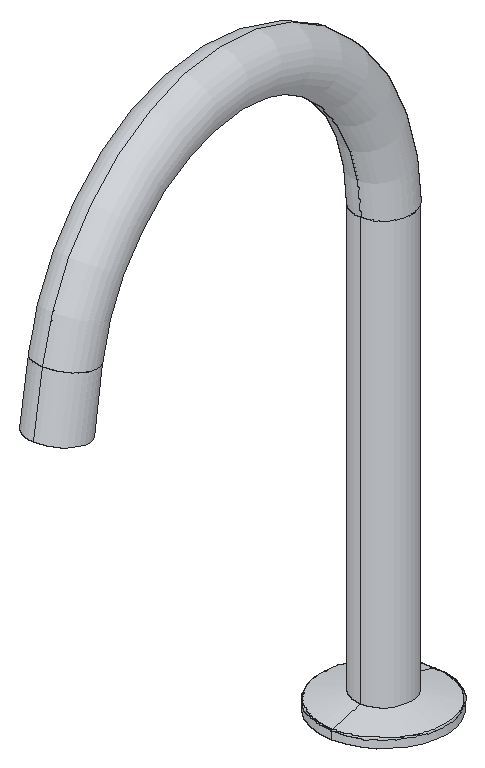
Revit family "Faucet-Deck_Mount-Bath_Spout-KOHLER-COMPONENTS-K-22959T_1", category Plumbing Fixtures, host Face, Revit 2017
Family settings
  Host = Face
  Round Connector Dimension = Use Diameter
  Part Type = Normal
  OmniClass Number = 23.31.11.00
  Cut with Voids When Loaded = No
  Shared = No
  Room Calculation Point = No
Parameters (values of type "CP-Polished Chrome")
  Width = 2 93/256"  # constant formula
  WaterSense Certified = 1 = 0  # no
  Waste Water Outlet = "Waste Water Outlet"  # constant formula
  Waste Connection = 1 = 0  # no
  Vent Connection = 1 = 0  # no
  URL = "https://www.kohler.com.cn/"
  Type = 5
  Spout Reach = 7 133/256"  # constant formula
  Product Page URL = ""
  Product Name = "COMPONENTS"  # constant formula
  Product Documentation Link = ""
  Pressure = 0.00 psi
  Model = if(Type = 1, "K-22959T-2MB", if(Type = 2, "K-22959T-AF", if(Type = 3, "K-22959T-BL", if(Type = 4, "K-22959T-BN", if(Type = 5, "K-22959T-CP", if(Type = 6, "K-22959T-RGD", "NA"))))))  # "K-22959T-CP"
  Material = "Brass Construction"  # constant formula
  Master Format 2014 Name = "Residential Faucets, Supplies, and Trim"  # constant formula
  Master Format 2014 = "22 41 39"  # constant formula
  Manufacturer Address = "Kohler Beijing Office (100016) 36-2-03-B, No. 88, Liuxiang Road, Beijing"  # constant formula
  Manufacturer = "KOHLER Co."  # constant formula
  Length = Spout Reach  # 7 133/256"
  Hot Water Inlet = "Tempered Water Inlet"  # constant formula
  Height = 12 143/256"  # constant formula
  HW Connection = 1 = 1  # yes
  Flow Rate = 0 GPM
  Finish = Kohler-Metal-CP-Polished_Chrome
  Environmental Product Declaration = ""
  Drain Included = 1 = 0  # no
  Description = "DM BATH SPOUT - TUBE"  # constant formula
  Default Elevation = 36"
  Declare Label = ""
  Date Modified = "10/05/2020"  # constant formula
  Date Created = "10/05/2020"  # constant formula
  Copyright = "Copyright KOHLER Co."  # constant formula
  Contact Us = "http://www.kohler.com.cn/contact/contact-us/"
  Cold Water Inlet = "Cold Water Inlet"  # constant formula
  CW Connection = 1 = 0  # no
  Assembly Code = "D2010"
  ADA Compliant = 1 = 0  # no
Types (7): name | Type | Model | Finish
  (no name) | 5 | "K-22959T-CP" | Kohler-Metal-CP-Polished_Chrome
  2MB-Vibrant Brushed Moderne Brass | 1 | "K-22959T-2MB" | Kohler-Metal-2MB-Vibrant_Brushed_Moderne_Brass
  AF-Flange Gold | 2 | "K-22959T-AF" | Kohler-Metal-AF-Flange_Gold
  BL-Matte Black | 3 | "K-22959T-BL" | Kohler-Metal-BL-Matte_Black
  BN-Roman Silver | 4 | "K-22959T-BN" | Kohler-Metal-BN-Roman_Silver
  CP-Polished Chrome | 5 | "K-22959T-CP" | Kohler-Metal-CP-Polished_Chrome
  RGD-Rose Gold | 6 | "K-22959T-RGD" | Kohler-Metal-RGD-Rose_Gold
Reference planes (in)
  plane 1 "Center (Front/Back)": y = 0
  plane 2: z = 0
  plane 3 "Center (Left/Right)": x = 0
  plane 4: x = 1.1811
  plane 5: x = -1.18218
  plane 6: y = 1.1811
  plane 7: y = -1.1811
  plane 8: x = -0.5315
  plane 9: x = 0.5315
  plane 10: z = 12.55859
  plane 11: y = -7.51953
  plane 12: z = 7.83465
  plane 13: through (0, -6.68664, 12.55906) normal (0, -0.9848, 0.1736)
  plane 14: y = -7.51953
  plane 15: y = -8.04311
  plane 16: z = 0.31039
Dimensions and locks (in)
  "Height": level to plane 10
  "Width": plane 5 to plane 4
  "Spout Reach": plane 1 "Center (Front/Back)" to plane 11
  "Length": plane 14 to plane 1 "Center (Front/Back)"
  level to plane 12 = 7.83465"
  aligned and locked: plane 2 to host face
  aligned and locked: level to host face
Automatic sketch dimensions
  host sketch curve to host sketch curve = 96"  (x2)
Nested families (in)
  nested 1: "K-22959T" at (0, 0, 0), type "K-22959T"
Connectors (in)
  piping at (0, 0, 0), diameter 0.5, driven by "Flow Rate", driven by "Pressure", driven by "HW Connection", driven by "Hot Water Inlet"
    settings: on nested 1, index 1, connector inside diameter 24", connector length 0", flow factor 0, pipe flow 0 GPM, pressure drop 0.00 psi, fitting loss kfactor 0, connector angle 0.00°, fixture units 0, engagement length 0", angle of deflection 0.00°, flow configuration 1, flow direction 1, fitting loss method 4, system type 19, joint type 0, gender type 0, connector reference index -1, connector utility 1, adjustable connector no, is connector primary yes, connector description "Tempered Water Inlet"
Definition of nested family "K-22959T"
  Parameters (values of type "K-22959T")
    Material = none
  Reference planes (in)
    plane 1 "Center (Front/Back)": y = 0
    plane 2: z = 0
    plane 3 "Center (Left/Right)": x = 0
    plane 4: x = -1.1811
    plane 5: x = 1.1811
    plane 6: x = -0.5315
    plane 7: x = 0.5315
    plane 8: y = 1.1811
    plane 9: y = -1.1811
    plane 10: z = 0.31496
    plane 11: z = 12.55906
    plane 12: y = -7.51969
    plane 13: z = 7.83465
    plane 14: through (0, -7.51969, 7.83465) normal (0, 0.9848, -0.1736)
    plane 15: z = 0.16048
    plane 16: z = 0.31039
  Forms (in)
    Revolve 1, solid, material <- "Material", detail levels medium+fine
      sketch origin (0, 0, 0) x (0, 0, 1) y (0, -1, 0)
        loop
          line (0, 0) -> (0, -1.1811) -> (0.13888, -1.1811)
          arc (0.13888, -1.1811) -> (0.15342, -1.17604) -> (0.16169, -1.16304) r 0.02343
          line (0.16169, -1.16304) -> (0.31496, -0.51206) -> (0.31496, 0) -> (0, 0)
        axis (0, 0) -> (0.31496, 0)
      angle from 0 to 360
    Sweep 2, solid, material <- "Material", detail levels medium+fine
      path origin (0, 0, 0) x (0, 0, 1) y (0, -1, 0)
        loop
          line (0, 0) -> (8.33821, 0)
          arc (8.33821, 0) -> (12.01118, 3.36566) -> (8.97845, 7.318) r 3.68701
          line (8.97845, 7.318) -> (7.83465, 7.51969)
      profile origin (0, 0, 0) x (0, -1, 0) y (1, 0, 0)
        loop
          circle (0, 0) r 0.5315
    Extrusion 3, solid, material <- "Material", detail levels coarse
      sketch origin (0, 0, 0) x (1, 0, 0) y (0, 1, 0)
        loop
          circle (0, 0) r 1.1811
      from 0 to 0.31039
    Sweep 4, solid, material <- "Material", detail levels coarse
      path origin (0, 0, 0) x (0, 1, 0) y (0, 0, 1)
        loop
          line (0, 0) -> (0, 8.33821)
          arc (0, 8.33821) -> (-3.36566, 12.01118) -> (-7.318, 8.97845) r 3.68701
          line (-7.318, 8.97845) -> (-7.51969, 7.83465)
      profile origin (0, 0, 4.1691) x (0, -1, 0) y (1, 0, 0)
        loop
          circle (0, 0) r 0.5315
  Cuts and joins
    joined: Revolve 1, Sweep 2
    joined: Extrusion 3, Sweep 4
  Lines and regions (in)
    Masking region 1
      outline origin (0, 0, 0) x (1, 0, 0) y (0, 1, 0)
        loop
          arc (0.5315, -1.05476) -> (0, 1.1811) -> (-0.5315, -1.05476) r 1.1811
          line (-0.5315, -1.05476) -> (-0.5315, -7.5116)
          spline (-0.5315, -7.5116) -> (-0.51339, -7.64707) -> (-0.46029, -7.77331) -> (-0.37582, -7.88171) -> (-0.26575, -7.96489) -> (-0.13756, -8.01718) -> (0, -8.03502) -> (0.13756, -8.01718) -> (0.26575, -7.96489) -> (0.37582, -7.88171) -> (0.46029, -7.77331) -> (0.51339, -7.64707) -> (0.5315, -7.5116)
          line (0.5315, -7.5116) -> (0.5315, -1.05476)
    Masking region 2
      outline origin (0, 0, 0) x (0, 1, 0) y (0, 0, 1)
        loop
          line (-1.1811, 0) -> (1.1811, 0) -> (1.1811, 0.13787)
          arc (1.1811, 0.13787) -> (1.17605, 0.15241) -> (1.16306, 0.16069) r 0.02345
          line (1.16306, 0.16069) -> (0.5315, 0.31039) -> (0.5315, 8.33634)
          arc (0.5315, 8.33634) -> (-3.31967, 12.5388) -> (-7.84175, 9.06888) r 4.2185
          line (-7.84175, 9.06888) -> (-8.04311, 7.92694) -> (-6.99626, 7.74235) -> (-6.79491, 8.88429)
          arc (-6.79491, 8.88429) -> (-3.41232, 11.47985) -> (-0.53182, 8.33634) r 3.15551
          line (-0.53182, 8.33634) -> (-0.5315, 0.31039) -> (-1.16306, 0.16069)
          arc (-1.16306, 0.16069) -> (-1.17605, 0.15241) -> (-1.1811, 0.13787) r 0.02345
          line (-1.1811, 0.13787) -> (-1.1811, 0)
    Masking region 3
      outline origin (0, 0, 0) x (1, 0, 0) y (0, 0, 1)
        loop
          line (1.1811, 0) -> (1.1811, 0.1375)
          arc (1.1811, 0.1375) -> (1.17601, 0.15215) -> (1.16294, 0.16048) r 0.02362
          line (1.16294, 0.16048) -> (0.5315, 0.31039) -> (0.5315, 12.02606)
          arc (0.5315, 12.02606) -> (0, 12.55756) -> (-0.5315, 12.02606) r 0.5315
          line (-0.5315, 12.02606) -> (-0.5315, 0.31039) -> (-1.16294, 0.16048)
          arc (-1.16294, 0.16048) -> (-1.17601, 0.15215) -> (-1.1811, 0.1375) r 0.02362
          line (-1.1811, 0.1375) -> (-1.1811, 0) -> (1.1811, 0)
    symbolic lines, detail levels medium+fine
      curve 1: arc (-0.5315, 0, 0) -> (0, 0.5315, 0) -> (0.5315, 0, 0) r 0.5315
      curve 2: line (-0.5315, 0, 0) -> (-0.5315, -1.05476, 0)
      curve 3: line (0.5315, 0, 0) -> (0.5315, -1.05476, 0)
      curve 4: arc (-0.5315, -7.34744, 0) -> (0, -7.87894, 0) -> (0.5315, -7.34744, 0) r 0.5315
      curve 5: line (0, 0.5315, 0.31039) -> (0, -0.5315, 0.31039)
      curve 6: line (0, 1.16386, 0.16048) -> (0, -1.16386, 0.16048)
      curve 7: line (0, 0.5315, 7.83465) -> (0, -0.53215, 7.83465)
      curve 8: line (0, -6.82771, 8.69827) -> (0, -7.86394, 8.94301)
      curve 9: line (-1.16294, 0, 0.16048) -> (1.16294, 0, 0.16048)
      curve 10: line (-0.5315, 0, 0.31039) -> (0.5315, 0, 0.31039)
      curve 11: spline (-0.5315, 0, 7.83465) -> (-0.51339, 0, 7.81076) -> (-0.46029, 0, 7.7885) -> (-0.37582, 0, 7.76938) -> (-0.26575, 0, 7.75472) -> (-0.13756, 0, 7.7455) -> (0, 0, 7.74235) -> (0.13756, 0, 7.7455) -> (0.26575, 0, 7.75472) -> (0.37582, 0, 7.76938) -> (0.46029, 0, 7.7885) -> (0.51339, 0, 7.81076) -> (0.5315, 0, 7.83465) -> (0.51339, 0, 7.85853) -> (0.46029, 0, 7.88079) -> (0.37582, 0, 7.89991) -> (0.26575, 0, 7.91457) -> (0.13756, 0, 7.92379) -> (0, 0, 7.92694) -> (-0.13756, 0, 7.92379) -> (-0.26575, 0, 7.91457) -> (-0.37582, 0, 7.89991) -> (-0.46029, 0, 7.88079) -> (-0.51339, 0, 7.85853) -> (-0.5315, 0, 7.83465)
      curve 12: arc (-0.5315, 0, 8.76355) -> (0, 0, 8.809) -> (0.5315, 0, 8.76355) r 3.13049
      curve 13: arc (0.5315, -0.89405, 0) -> (0, 1.04011, 0) -> (-0.5315, -0.89405, 0) r 1.04011
  Dimensions and locks (in)
    plane 6 to plane 7 = 1.06299"
    plane 4 to plane 5 = 2.3622"
    plane 1 "Center (Front/Back)" to plane 12 = 7.51969"
    plane 11 to level = 12.55906"
    plane 13 to level = 7.83465"
    angle plane 12 to plane 14 = 10.00°
    aligned and locked: plane 2 to level
